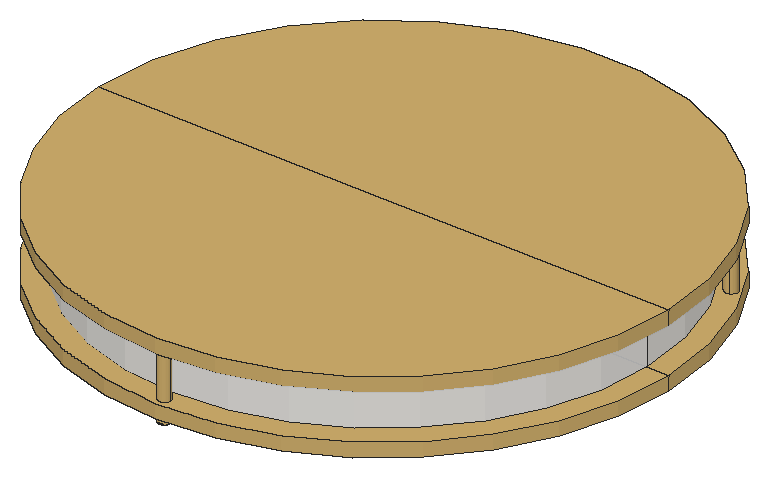
Revit family "3-620-xx - Oracle Ceiling Mount", category Lighting Fixtures, host Ceiling, Revit 2018
Family settings
  Host = Ceiling
  Round Connector Dimension = Use Diameter
  Part Type = Normal
  OmniClass Number = 23.80.70.11
  OmniClass Title = Luminaries for Internal Lighting
  Always vertical = Yes
  Cut with Voids When Loaded = No
  Light Source = Yes
  Shared = No
  Room Calculation Point = No
Parameters (values of type "3-620-40 / Aged Brass - Matte White Acrylic")
  Wattage Comments = "2 x 10.1 W at 120 V"  # constant formula
  Wattage = 9.2903 W
  built-in parameter 1150110 = 1 (stored number, unit not read)
  Voltage Input = "120 V or 277 V - 50/60 Hz"  # constant formula
  Voltage = 120 V
  URL = "www.oxygenlighting.com"
  built-in parameter 1114217 = 1 (stored number, unit not read)
  built-in parameter 1150109 = 1 (stored number, unit not read)
  built-in parameter 1150134 = (empty or 0)
  built-in parameter 1150113 = 1 (stored number, unit not read)
  References = "Ref. 3 = 120 V / Ref. 37 = 277 V"  # constant formula
  Model = "3-620-xx / Oracle Ceiling Mount"  # constant formula
  Metal Finish = 40 - Aged Brass
  Manufacturer = "Oxygen Lighting and Fans"  # constant formula
  Main Diffuser = Matte White Acrylic
  Lumens = 1380 lm
  built-in parameter 1150115 = 1 (stored number, unit not read)
  built-in parameter 1150105 = 109.82 (stored number, unit not read)
  Light Source Symbol Size = 609.6 mm
  built-in parameter 1150137 = (empty or 0)
  built-in parameter 1150139 = (empty or 0)
  built-in parameter 1150112 = 1 (stored number, unit not read)
  built-in parameter 1150114 = 1 (stored number, unit not read)
  Lamp = "LED Array"  # constant formula
  built-in parameter 1150132 = 2
  built-in parameter 1150102 = (empty or 0)
  built-in parameter 1150138 = (empty or 0)
  built-in parameter 1150107 = 3000 (stored number, unit not read)
  built-in parameter 1150106 = 1.0982 (stored number, unit not read)
  built-in parameter 1150104 = 13.8 (stored number, unit not read)
  Dimming Lamp Color Temperature Shift = <None>
  Color Filter = 16777215
  built-in parameter 1114218 = 1 (stored number, unit not read)
  built-in parameter 1150133 = 10 (stored number, unit not read)
Types (5, lengths in mm): name | Metal Finish
  3-620-14 / Polished Chrome - Matte White Acrylic | 14 - Polished Chrome
  3-620-15 / Black - Matte White Acrylic | 15 - Black
  3-620-22 / Oiled Bronze - Matte White Acrylic | 22- Oiled Bronze
  3-620-24 / Satin Nickel - Matte White Acrylic | 24 - Satin Nickel
  3-620-40 / Aged Brass - Matte White Acrylic | 40 - Aged Brass
Reference planes
  plane 1 "Light Source Axis (F/B)": y = 0
  plane 2: z = 0
  plane 3 "Light Source Axis (L/R)": x = 0
  plane 4 "Ceiling": z = 4000
  plane 5 "Light Source Elevation": z = 3950
Dimensions and locks
  equal spacing: host sketch curve, plane 3 "Light Source Axis (L/R)", host sketch curve
  equal spacing: host sketch curve, plane 1 "Light Source Axis (F/B)", host sketch curve
  host sketch curve to host sketch curve = 4000 mm  (x2)
  plane 4 "Ceiling" to host ceiling = 0 mm
  locked: plane 5 "Light Source Elevation" to plane 4 "Ceiling" at 50
  aligned and locked: plane 3 "Light Source Axis (L/R)" to imposter light
  aligned and locked: plane 1 "Light Source Axis (F/B)" to imposter light
  aligned and locked: plane 5 "Light Source Elevation" to imposter light
  aligned and locked: plane 3 "Light Source Axis (L/R)" to nested 1
  aligned and locked: plane 1 "Light Source Axis (F/B)" to nested 1
  aligned and locked: plane 4 "Ceiling" to nested 1
Nested families
  nested 1: "Base" at (0, 0, 4000), type "Base"
Connectors
  electrical at (0, 0, 4000), driven by "Voltage"
    settings: on nested 1, index 1, voltage 120 V, apparent load 0 VA, apparent load phase1 0 VA, apparent load phase2 0 VA, apparent load phase3 0 VA, power factor 1, load classification "Other", number of poles 1, system type 31, power factor state 1, is connector primary yes, connector utility no, sub classification motor no, connector description ""
Definition of nested family "Base"
  Parameters (values of type "Base")
    Metal Finish = none
    Main Diffuser = none
  Reference planes
    plane 1 "Center (Front/Back)": y = 0
    plane 2: z = 0
    plane 3 "Center (Left/Right)": x = 0
  Forms (mm)
    Revolve 1, solid, material <- "Metal Finish"
      sketch origin (0, 0, 0) x (1, 0, 0) y (0, 0, 1)
        loop
          line (0, -11.057) -> (0, 0) -> (-224.203, 0) -> (-224.203, -11.057) -> (0, -11.057)
        loop
          line (0, -57.128) -> (0, -46.007) -> (-224.203, -46.007) -> (-224.203, -57.128) -> (0, -57.128)
        axis (0, 0) -> (0, -57.128)
      angle from 0 to 360
    Revolve 2, solid, material <- "Main Diffuser"
      sketch origin (0, 0, 0) x (1, 0, 0) y (0, 0, 1)
        loop
          line (-207.514, -11.057) -> (-207.514, -46.007) -> (0, -46.007) -> (0, -11.057) -> (-207.514, -11.057)
        loop
          line (-199.591, -57.128) -> (-199.591, -66.548)
          arc (-199.591, -66.548) -> (-102.026, -98.257) -> (0, -108.99) r 490.771
          line (0, -108.99) -> (0, -57.128) -> (-199.591, -57.128)
        axis (0, -11.057) -> (0, -108.99)
      angle from 0 to 360
    Revolve 3, solid, material <- "Metal Finish"
      sketch origin (105.232, -215.675, 0) x (1, 0, 0) y (0, 0, 1)
        loop
          line (-109.998, -11.057) -> (-109.998, -61.894)
          arc (-109.998, -61.894) -> (-107.841, -63.462) -> (-105.232, -64.016) r 6.413
          line (-105.232, -64.016) -> (-105.232, -11.057) -> (-109.998, -11.057)
        axis (-105.232, -64.016) -> (-105.232, -11.057)
      angle from 0 to 360
    Revolve 4, solid, material <- "Metal Finish"
      sketch origin (134.164, 198.971, 0) x (-0.5, 0.866025, 0) y (0, 0, 1)
        loop
          line (-109.998, -11.057) -> (-109.998, -61.894)
          arc (-109.998, -61.894) -> (-107.841, -63.462) -> (-105.232, -64.016) r 6.413
          line (-105.232, -64.016) -> (-105.232, -11.057) -> (-109.998, -11.057)
        axis (-105.232, -64.016) -> (-105.232, -11.057)
      angle from 0 to 360
    Revolve 5, solid, material <- "Metal Finish"
      sketch origin (-239.396, 16.703, 0) x (-0.5, -0.866025, 0) y (0, 0, 1)
        loop
          line (-109.998, -11.057) -> (-109.998, -61.894)
          arc (-109.998, -61.894) -> (-107.841, -63.462) -> (-105.232, -64.016) r 6.413
          line (-105.232, -64.016) -> (-105.232, -11.057) -> (-109.998, -11.057)
        axis (-105.232, -64.016) -> (-105.232, -11.057)
      angle from 0 to 360
  Cuts and joins
    joined: Revolve 1, Revolve 3
  Dimensions and locks
    aligned and locked: level to plane 2
